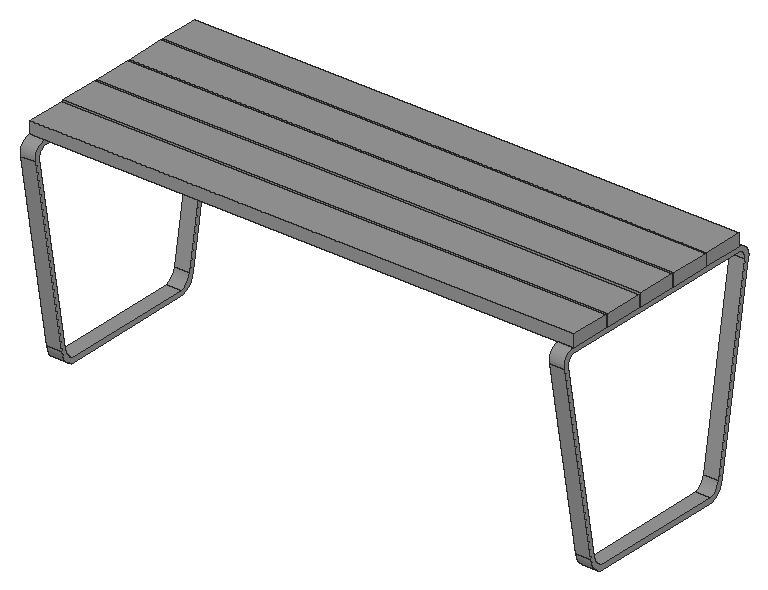
Revit family "Стол садовый «Колледж» Арт 16499", category Антураж, Revit 2018
Family settings
  На основе рабочей плоскости = Нет
  Всегда вертикально = Да
  При загрузке вырезать с полостями = Нет
  Источник визуального образа = Геометрия семейства
  Общий = Нет
  Точка расчета площади = Нет
Parameters (values of type "Стол садовый «Колледж»")
  Ширина = 760 mm  # constant formula
  Цвет столешницы = Орех
  Цвет каркаса = Сталь
  Описание = "Стол садовый «Колледж»"  # constant formula
  Материал изделия = "Дерево, сталь"  # constant formula
  Изображение типоразмера = 1b4636b35bc789ea320b0fec45417246.jpg
  Изготовитель = "ООО «Хоббика»"  # constant formula
  Длина = 1800 mm  # constant formula
  Группа модели = "Садовые столы"  # constant formula
  Высота = 750 mm  # constant formula
  Артикул товара = "Арт. 16499"  # constant formula
  URL = "https://hobbyka.ru/product/stol_sadovyy_kolledzh/"
Reference planes
  plane 1 "По центру (Вперед/Назад)": y = 0
  plane 2: z = 0
  plane 3 "По центру (Влево/Вправо)": x = 0
  plane 4: x = 1800
  plane 5: y = 760
  plane 6: z = 750
Forms (mm)
  Extrusion 1, solid, material "Орех" <- "Цвет столешницы"
    sketch origin (0, 0, 0) x (0, 1, 0) y (0, 0, 1)
      loop
        line (720, 710) -> (720, 750) -> (590, 750) -> (590, 710) -> (720, 710)
      loop
        line (582.5, 710) -> (582.5, 750) -> (452.5, 750) -> (452.5, 710) -> (582.5, 710)
      loop
        line (445, 710) -> (445, 750) -> (315, 750) -> (315, 710) -> (445, 710)
      loop
        line (307.5, 710) -> (307.5, 750) -> (177.5, 750) -> (177.5, 710) -> (307.5, 710)
      loop
        line (170, 710) -> (170, 750) -> (40, 750) -> (40, 710) -> (170, 710)
    from 0 to 1800
Dimensions and locks
  "Длина": plane 3 "По центру (Влево/Вправо)" to plane 4
  "Ширина": plane 5 to plane 1 "По центру (Вперед/Назад)"
  "Высота": plane 6 to level
  aligned and locked: level to plane 2
  aligned and locked: plane 4 to nested 2
  aligned and locked: Extrusion 1 to plane 3 "По центру (Влево/Вправо)"
  aligned and locked: plane 4 to Extrusion 1
Automatic sketch dimensions
  Extrusion 1 sketch curve to plane 6 = 0 mm  (x5)
  Extrusion 1 sketch curve to plane 1 "По центру (Вперед/Назад)" = 40 mm
  Extrusion 1 sketch curve to plane 6 = 40 mm  (x4)
  Extrusion 1 sketch curve to Extrusion 1 sketch curve = 130 mm  (x4)
  Extrusion 1 sketch curve to Extrusion 1 sketch curve = 7.5 mm  (x4)
  Extrusion 1 sketch curve to plane 5 = 40 mm
  Extrusion 1 sketch curve to Extrusion 1 sketch curve = 0 mm
Nested families
  nested 1: "Опора" at (0, 0, 0), type "Опора"
  nested 2: "Опора" at (1800, 0, 0) x (-1, 0, 0) z (0, 0, 1), type "Опора"
Definition of nested family "Опора"
  Parameters (values of type "Опора")
    Материал каркаса = none
    Height = 0 mm
  Reference planes
    plane 1 "По центру (Вперед/Назад)": y = 0
    plane 2: z = 0
    plane 3 "По центру (Влево/Вправо)": x = 0
  Forms (mm)
    Extrusion 1, solid, material <- "Материал каркаса"
      sketch origin (0, 46.024, 0) x (0, 1, 0) y (0, 0, 1)
        loop
          line (673.976, 710) -> (-6.024, 710)
          arc (-6.024, 710) -> (-37.264, 694.982) -> (-45.046, 661.205) r 40
          line (-45.046, 661.205) -> (61.957, 51.507)
          arc (61.957, 51.507) -> (76.245, 20.271) -> (103.976, 0) r 68.014
          line (103.976, 0) -> (563.976, 0)
          arc (563.976, 0) -> (591.706, 20.271) -> (605.995, 51.507) r 68.014
          line (605.995, 51.507) -> (712.997, 661.205)
          arc (712.997, 661.205) -> (705.215, 694.982) -> (673.976, 710) r 40
        loop
          line (673.976, 695) -> (-6.024, 695)
          arc (-6.024, 695) -> (-25.648, 685.49) -> (-30.341, 664.194) r 25
          line (-30.341, 664.194) -> (76.731, 54.1)
          arc (76.731, 54.1) -> (87.034, 30.802) -> (107.014, 15) r 53.014
          line (107.014, 15) -> (560.938, 15)
          arc (560.938, 15) -> (580.918, 30.802) -> (591.22, 54.1) r 53.014
          line (591.22, 54.1) -> (698.292, 664.194)
          arc (698.292, 664.194) -> (693.599, 685.49) -> (673.976, 695) r 25
      from 0 to 50
  Lines and regions (mm)
    symbolic lines
      curve 1: line (25, 14.661, 0) -> (25, -9.861, 0)
  Dimensions and locks
    aligned and locked: level to plane 2
